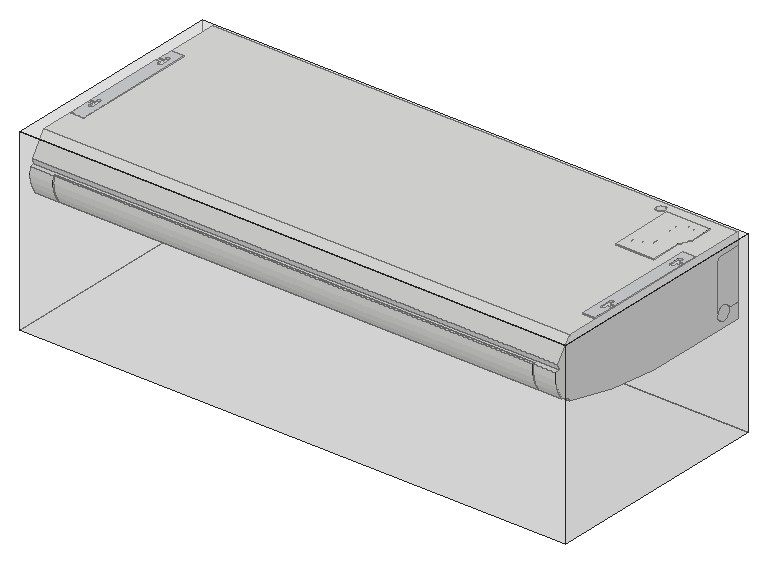
Revit family "outputfile", category 機械設備, Revit 2024
Family settings
  丸型コネクタ寸法 = 半径を使用
  パーツ タイプ = 標準
  OmniClass 番号 = 23.75.10.24.21.27.27
  OmniClass タイトル = Split System Air Conditioning Units
  作業面ベース = いいえ
  常に垂直 = はい
  ロード時にボイドで切り取り = いいえ
  注釈の向きを維持 = いいえ
  共有 = いいえ
  部屋計算ポイント = はい
Parameters (values of type "FHA140DVMG")
  製造元 = "Daikin"
  書き出し IFC クラス(タイプ) = "IfcUnitaryEquipmentType"
  定義済み IFC タイプ(タイプ) = "AIRCONDITIONINGUNIT"
  モデル = "FHA140DVMG"
  switch_frequency = yes
  r_Liquid Pipe Size = Liquid Pipe Size / 2  # 4.75 mm
  r_Gas Pipe Size = Gas Pipe Size / 2  # 7.95 mm
  r_Drain Pipe Size = Drain Pipe Size / 2  # 10.0 mm
  l_powersupply [instance] = if(Rear Right Connection_powersupply, 29.0 mm, 175.0 mm)  # 29.0 mm
  h_mountinghole = 2.0 mm
  connector_voltage = Voltage_50Hz  # 230 V
  connector_powerinput = [Power Input (Cooling)]  # 2.360 kW
  connector_phase = Phase_50Hz  # 1
  angle_vertical_powersupply [instance] = if(Rear Right Connection_powersupply, 90.00°, 180.00°)  # 90.00°
  angle_vertical_drainpipe [instance] = if(or(Left Connection_drainpipe, Right Connection_drainpipe), 90.00°, if(Top Connection_drainpipe, 180.00°, -90.00°))  # -90.00°
  angle_horizontal_powersupply [instance] = if(Rear Right Connection_powersupply, 180.00°, 0.00°)  # 180.00°
  angle_horizontal_drainpipe [instance] = if(Right Connection_drainpipe, 90.00°, if(Left Connection_drainpipe, -90.00°, 0.00°))  # 0.00°
  Voltage_comment_60Hz = "220-230"
  Voltage_comment_50Hz = "220-240"
  Voltage_60Hz = 220 V
  Voltage_50Hz = 230 V
  Top Connection_refrigerant [instance] = no
  Top Connection_powersupply [instance] = not(Rear Right Connection_powersupply)  # no
  Right Connection_refrigerant [instance] = no
  Rear Right Connection_refrigerant [instance] = yes
  Phase_60Hz = 1
  Phase_50Hz = 1
  Material_Casing = DAIKIN_White_Casing_indoorunit
  lw_powersupply [instance] = if(Rear Right Connection_powersupply, 220.0 mm, 210.0 mm)  # 220.0 mm
  lw_mountinghole_pitch = Width - 40.0 mm  # 1550.0 mm
  lw_mountinghole = 20.0 mm
  lw_liquidpipe [instance] = if(Right Connection_refrigerant, 156.0 mm, if(Top Connection_refrigerant, 156.0 mm, 136.0 mm))  # 136.0 mm
  lw_gaspipe = 105.0 mm
  lw_drainpipe [instance] = if(Top Connection_drainpipe, 102.0 mm, if(Width = 960.0 mm, if(or(Left Connection_drainpipe, Rear Left Connection_drainpipe), 884.0 mm, 83.0 mm), if(Width = 1270.0 mm, if(or(Left Connection_drainpipe, Rear Left Connection_drainpipe), 1194.0 mm, 83.0 mm), if(Width = 1590.0 mm, if(or(Left Connection_drainpipe, Rear Left Connection_drainpipe), 1514.0 mm, 83.0 mm), 83.0 mm))))  # 83.0 mm
  lh_powersupply = 175.0 mm
  lh_liquidpipe [instance] = if(Rear Right Connection_refrigerant, 160.0 mm, 131.0 mm)  # 160.0 mm
  lh_gaspipe [instance] = if(Rear Right Connection_refrigerant, 150.0 mm, 91.0 mm)  # 150.0 mm
  lh_drainpipe = 197.0 mm
  l_antena = 1.0 mm
  ld_powersupply = 30.0 mm
  ld_mountinghole_pitch = 260.0 mm
  ld_mountinghole = 210.0 mm
  ld_liquidpipe [instance] = if(Right Connection_refrigerant, 57.0 mm, if(Top Connection_refrigerant, 189.0 mm, 221.0 mm))  # 221.0 mm
  ld_gaspipe [instance] = if(Right Connection_refrigerant, 57.0 mm, if(Top Connection_refrigerant, 163.0 mm, 214.0 mm))  # 214.0 mm
  ld_drainpipe [instance] = if(or(Left Connection_drainpipe, Right Connection_drainpipe), 57.0 mm, if(Top Connection_drainpipe, 87.0 mm, 268.0 mm))  # 268.0 mm
  l_liquidpipe_length [instance] = if(Right Connection_refrigerant, 156.0 mm, if(Top Connection_refrigerant, 131.0 mm, 220.0 mm))  # 220.0 mm
  l_gaspipe_length [instance] = if(Right Connection_refrigerant, 105.0 mm, if(Top Connection_refrigerant, 91.0 mm, 213.0 mm))  # 213.0 mm
  l_drainpipe_length [instance] = if(Right Connection_drainpipe, 83.0 mm, if(Top Connection_drainpipe, 197.0 mm, if(Left Connection_drainpipe, 76.0 mm, 267.0 mm)))  # 267.0 mm
  h*** = 0.0 mm
  angle_vertical [instance] = if(Right Connection_refrigerant, 90.00°, if(Top Connection_refrigerant, 180.00°, -90.00°))  # -90.00°
  angle_horizontal [instance] = if(Right Connection_refrigerant, 90.00°, 0.00°)  # 0.00°
  Width = 1590.0 mm
  Version = "ver.1.0"
  Unit Type = "Ceiling"
  Unit Mass Weight = 38.00 kg
  Unit Designation [instance] = ""
  Uniclass2015Version = "Products v1.30"
  Uniclass2015Title = "Split coil room air conditioning units"
  Uniclass2015Code = "Pr_70_65_03_86"
  Total Cooling Capacity [instance] = 0.000 kW
  Top Connection_drainpipe [instance] = no
  Sound Pressure Level_M speed (dBA) = 42
  Sound Pressure Level_L speed (dBA) = 38
  Sound Pressure Level_H speed (dBA) = 46
  Series = "SkyAir_Fan Coil Unit"
  Sensible Cooling Capacity [instance] = 0.000 kW
  Rear Right Connection_drainpipe [instance] = yes
  Rear Right Connection_powersupply [instance] = yes
  Right Connection_drainpipe [instance] = no
  Refrigerant Type = "R32"
  Power Input (Cooling) = 2.360 kW
  Option Accessory 3 [instance] = ""
  Option Accessory 2 [instance] = ""
  Option Accessory 1 [instance] = ""
  Nominal Cooling Capacity = 9.600 kW
  Minimum Airflow = 1440.00 m³/h
  Median Airflow = 1740.00 m³/h
  Maximum Airflow = 2040.00 m³/h
  Load Classification = HVAC
  Liquid Pipe Size = 9.5 mm
  Link_Nested Family [instance] = ""
  Rear Left Connection_drainpipe [instance] = no
  Left Connection_drainpipe [instance] = no
  IfcVersion = ""
  IfcExportType = "AIRCONDITIONINGUNIT"
  IfcExportAs = "IfcUnitaryEquipmentType"
  Height = 235.0 mm
  Heat Exchanger Type = "Cross Fin Coil"
  Gas Pipe Size = 15.9 mm
  Frequency_60Hz = 60 Hz
  Frequency_50Hz = 50 Hz
  Fan Type = "Sirocco Fan"
  Fan Drive = "Direct Drive"
  FCU Tag No. [instance] = ""
  Drain Pipe Size = 20.0 mm
  Design Supply Airflow [instance] = 0.00 m³/h
  Design Outdoor Airflow [instance] = 0.00 m³/h
  Depth = 690.0 mm
  既定の高さ = 0.0 mm
  Cooling Entering Wet Bulb Temperature [instance] = 0.00 °C
  Cooling Entering Dry Bulb Temperature [instance] = 0.00 °C
  Cooling Ambient Wet Bulb Temperature [instance] = 0.00 °C
  Cooling Ambient Dry Bulb Temperature [instance] = 0.00 °C
  Clearance visibility [instance] = yes
  Clearance Top = 5.0 mm
  Clearance Right = 30.0 mm
  Clearance Rear = 0.0 mm
  Clearance Left = 30.0 mm
  Clearance Front = 0.0 mm
  Clearance Bottom = 300.0 mm
Reference planes
  plane 1 "Back": y = 0
  plane 2: z = 0
  plane 3 "Center (Left/Right)": x = 0
  plane 4 "Center (Front/Back)": y = -1
  plane 5 "Front": y = -690
  plane 6 "Left": x = -795
  plane 7 "Right": x = 795
  plane 8 "Top": z = 0
  plane 9 "Bottom": z = -235
  plane 10: y = -690
  plane 11: x = -825
  plane 12: x = 825
  plane 13: z = 5
  plane 14: z = -535
  plane 15: y = 0
  plane 16 "lw_mountinghole": x = -775
  plane 17 "lw_mountinghole2": x = 775
  plane 18 "ld_mountinghole": y = -210
  plane 19 "ld_mountinghole2": y = -470
  plane 20 "lw_gaspipe": x = 690
  plane 21 "ld_gaspipe": y = -214
  plane 22 "lh_gaspipe": z = -150
  plane 23 "lw_liquidpipe": x = 659
  plane 24 "ld_liquidpipe": y = -221
  plane 25 "lh_liquidpipe": z = -160
  plane 26 "ld_drainpipe": y = -268
  plane 27 "lw_drainpipe": x = 712
  plane 28 "lh_drainpipe": z = -197
  plane 29 "lw_powersupply": x = 575
  plane 30 "lh_powersupply": z = -175
  plane 31 "ld_powersupply": y = -30
  plane 32: x = -725.5
  plane 33: x = 725.5
  plane 34: x = -750
  plane 35: x = 750
  plane 36: x = -2
  plane 37: x = 2
Forms (mm)
  Extrusion 1, solid, material "DAIKIN_White_Casing_indoorunit" <- "Material_Casing"
    sketch origin (0, 0, 0) x (0, 1, 0) y (0, 0, 1)
      loop
        line (-639.277, 0) -> (-680.876, -61.699) -> (-675.026, -77.772)
        arc (-675.026, -77.772) -> (-681.815, -78.743) -> (-688.601, -79.732) r 2634.132
        arc (-688.601, -79.732) -> (-687.018, -121.096) -> (-669.159, -158.439) r 102.2
        line (-669.159, -158.439) -> (-639.858, -169.325) -> (-635.895, -178.261)
        arc (-635.895, -178.261) -> (-479.121, -215.759) -> (-319.077, -235) r 1400.997
        line (-319.077, -235) -> (-1, -235) -> (-1, 0) -> (-639.277, 0)
    from -795 to 795
  Extrusion 2, solid, material "DAIKIN_White_Casing_indoorunit" <- "Material_Casing"
    sketch origin (0, 0, 0) x (0, 1, 0) y (0, 0, 1)
      loop
        arc (-688.601, -79.732) -> (-687.018, -121.096) -> (-669.159, -158.439) r 102.2
        line (-669.159, -158.439) -> (-665.589, -154.869)
        arc (-665.589, -154.869) -> (-682.432, -118.783) -> (-683.39, -78.971) r 97.2
        arc (-683.39, -78.971) -> (-685.996, -79.351) -> (-688.601, -79.732) r 2634.132
    from -725.5 to 725.5
  Extrusion 3, void
    sketch origin (0, 0, 0) x (0, 1, 0) y (0, 0, 1)
      loop
        line (-301.098, -235) -> (-21.098, -235) -> (-21.098, -230) -> (-301.098, -230) -> (-301.098, -235)
    from -750 to 750
  Extrusion 4, solid, material "DAIKIN_White_Grille_indoorunit"
    sketch origin (0, 0, 0) x (0, 1, 0) y (0, 0, 1)
      loop
        line (-20.098, -230) -> (-301.098, -230) -> (-301.098, -235) -> (-20.098, -235) -> (-20.098, -230)
    from -750 to -2
  Extrusion 5, solid, material "DAIKIN_White_Casing_indoorunit" <- "Material_Casing"
    sketch origin (0, 0, 0) x (1, 0, 0) y (0, 0, 1)
      loop
        line (602, -63) -> (602, -178) -> (673, -220) -> (736, -220) -> (736, -63) -> (602, -63)
    from 0 to 1
  Extrusion 6, solid, material "DAIKIN_White_Casing_indoorunit" <- "Material_Casing"
    sketch origin (0, 0, 0) x (-1, 0, 0) y (0, -1, 0)
      loop
        line (-607, 35) -> (-607, 230) -> (-723, 230) -> (-723, 135) -> (-738, 105) -> (-738, 35) -> (-607, 35)
    from 0 to 1.9
  Extrusion 7, void
    sketch origin (795, 0, 0) x (0, 1, 0) y (0, 0, 1)
      loop
        arc (-79.5, -195) -> (-55.446, -217.446) -> (-34.715, -191.9) r 22.5
        line (-34.715, -191.9) -> (-1, -191.9) -> (-1, -190.1) -> (-35.04, -190.1)
        arc (-35.04, -190.1) -> (-54.942, -172.594) -> (-77.7, -186.182) r 22.5
        line (-77.7, -186.182) -> (-77.7, -43)
        arc (-77.7, -43) -> (-76.528, -40.172) -> (-73.7, -39) r 4
        line (-73.7, -39) -> (-1, -39) -> (-1, -37.2) -> (-73.7, -37.2)
        arc (-73.7, -37.2) -> (-77.801, -38.899) -> (-79.5, -43) r 5.8
        line (-79.5, -43) -> (-79.5, -195)
      loop
        circle (-57, -195) r 20.7
    from 0 to -10
  Extrusion 8, void
    sketch origin (-1444.026, -1, 1200) x (1, 0, 0) y (0, 0, 1)
      loop
        arc (715.026, -1375) -> (704.42, -1379.393) -> (700.026, -1390) r 15
        line (700.026, -1390) -> (700.026, -1400)
        arc (700.026, -1400) -> (704.42, -1410.607) -> (715.026, -1415) r 15
        line (715.026, -1415) -> (745.026, -1415)
        arc (745.026, -1415) -> (755.633, -1410.607) -> (760.026, -1400) r 15
        line (760.026, -1400) -> (760.026, -1390)
        arc (760.026, -1390) -> (755.633, -1379.393) -> (745.026, -1375) r 15
        line (745.026, -1375) -> (715.026, -1375)
    from 0 to 10
  Extrusion 9, void
    sketch origin (-795, 0, 0) x (0, 1, 0) y (0, 0, 1)
      loop
        circle (-57, -197) r 22.5
    from 0 to 10
  Extrusion 10, void
    sketch origin (-1444.026, -1, 1200) x (1, 0, 0) y (0, 0, 1)
      loop
        circle (2136.026, -1375) r 44
    from 0 to 10
  Extrusion 11, void
    sketch origin (0, 0, 0) x (-1, 0, 0) y (0, -1, 0)
      loop
        circle (-693, 87) r 30
    from 0 to -10
  Extrusion 12, void
    sketch origin (0, 0, 0) x (-1, 0, 0) y (0, -1, 0)
      loop
        circle (-690, 163) r 18
    from 0 to -10
  Extrusion 13, void
    sketch origin (0, 0, 0) x (-1, 0, 0) y (0, -1, 0)
      loop
        circle (-639, 189) r 13
    from 0 to -10
  Extrusion 14, void
    sketch origin (-1444.026, -1, 1200) x (1, 0, 0) y (0, 0, 1)
      loop
        circle (2019.026, -1375) r 14.5
    from 0 to 10
  Extrusion 15, void
    sketch origin (0, 0, 0) x (-1, 0, 0) y (0, -1, 0)
      loop
        circle (-585, 30) r 14.5
    from 0 to -10
  Extrusion 16, void
    sketch origin (795, 0, 0) x (0, 1, 0) y (0, 0, 1)
      loop
        arc (-665.589, -154.869) -> (-682.432, -118.783) -> (-683.39, -78.971) r 97.2
        arc (-683.39, -78.971) -> (-685.996, -79.351) -> (-688.601, -79.732) r 2634.132
        arc (-688.601, -79.732) -> (-687.018, -121.096) -> (-669.159, -158.439) r 102.2
        line (-669.159, -158.439) -> (-665.589, -154.869)
    from -69.5 to -1520.5
  Extrusion 17, solid, material "DAIKIN_White_Casing_indoorunit" <- "Material_Casing"
    sketch origin (-795, 0, 0) x (0, 1, 0) y (0, 0, 1)
      loop
        circle (-57, -197) r 22.5
    from 0 to 10
  Extrusion 18, solid, material "DAIKIN_White_Grille_indoorunit"
    sketch origin (780, 0, 0) x (0, 1, 0) y (0, 0, 1)
      loop
        line (-20.098, -230) -> (-301.098, -230) -> (-301.098, -235) -> (-20.098, -235) -> (-20.098, -230)
    from -782 to -778
  Extrusion 19, solid, material "DAIKIN_White_Grille_indoorunit"
    sketch origin (0, 0, 0) x (0, 1, 0) y (0, 0, -1)
      loop
        line (-20.098, 230) -> (-20.098, 235) -> (-301.098, 235) -> (-301.098, 230) -> (-20.098, 230)
    from -750 to -2
Cuts and joins
  Extrusion 3, Extrusion 7, Extrusion 8, Extrusion 9, Extrusion 10, Extrusion 11, Extrusion 12, Extrusion 13, Extrusion 14, Extrusion 15, Extrusion 16 cuts Extrusion 1
Lines and regions (mm)
  reference lines
    curve 1: line (795, -580.282, -192.75) -> (795, -551.225, -200.21)
Dimensions and locks
  equal spacing: plane 6 "Left", plane 3 "Center (Left/Right)", plane 7 "Right"
  "Width": plane 6 "Left" to plane 7 "Right"
  "Depth": plane 5 "Front" to plane 1 "Back"
  "Height": plane 8 "Top" to plane 9 "Bottom"
  "Clearance Front": plane 10 to plane 5 "Front"
  "Clearance Left": plane 11 to plane 6 "Left"
  "Clearance Right": plane 7 "Right" to plane 12
  "Clearance Top": plane 13 to plane 8 "Top"
  "Clearance Bottom": plane 9 "Bottom" to plane 14
  "Clearance Rear": plane 1 "Back" to plane 15
  locked: plane 4 "Center (Front/Back)" to plane 1 "Back" at 1
  locked: Extrusion 1 sketch curve to Extrusion 1 sketch curve at 235
  locked: Extrusion 1 sketch curve to Extrusion 1 sketch curve at 318.077
  locked: Extrusion 1 sketch curve to Extrusion 1 sketch curve at 1163.297
  locked: Extrusion 1 sketch curve to Extrusion 1 sketch curve at 231.144
  Extrusion 3 sketch curve to Extrusion 3 sketch curve to plane 1 "Back" = 280.0 mm locked, 21.098 mm locked
  "ld_mountinghole": plane 18 "ld_mountinghole" to plane 1 "Back"
  "ld_mountinghole_pitch": plane 18 "ld_mountinghole" to plane 19 "ld_mountinghole2"
  "lw_mountinghole_pitch": plane 16 "lw_mountinghole" to plane 17 "lw_mountinghole2"
  "lw_mountinghole": plane 6 "Left" to plane 16 "lw_mountinghole"
  "lw_gaspipe": plane 20 "lw_gaspipe" to plane 7 "Right"
  "ld_gaspipe": plane 1 "Back" to plane 21 "ld_gaspipe"
  "lw_liquidpipe": plane 23 "lw_liquidpipe" to plane 7 "Right"
  "ld_liquidpipe": plane 1 "Back" to plane 24 "ld_liquidpipe"
  "lw_drainpipe": plane 27 "lw_drainpipe" to plane 7 "Right"
  "ld_drainpipe": plane 26 "ld_drainpipe" to plane 1 "Back"
  plane 8 "Top" to Extrusion 5 sketch curve to Extrusion 5 sketch curve = 63.0 mm locked, 157.0 mm locked
  plane 7 "Right" to Extrusion 5 sketch curve to Extrusion 5 sketch curve = 59.0 mm locked, 134.0 mm locked
  locked: Extrusion 5 sketch curve to Extrusion 5 sketch curve at 115
  locked: Extrusion 5 sketch curve to Extrusion 5 sketch curve at 63
  locked: Extrusion 6 sketch curve to Extrusion 6 sketch curve at 195
  locked: Extrusion 6 sketch curve to Extrusion 6 sketch curve at 116
  locked: Extrusion 6 sketch curve to Extrusion 6 sketch curve at 131
  locked: Extrusion 6 sketch curve to Extrusion 6 sketch curve at 100
  locked: Extrusion 6 sketch curve to plane 1 "Back" at 35
  locked: Extrusion 6 sketch curve to plane 7 "Right" at 57
  locked: Extrusion 8 sketch curve to Extrusion 8 sketch curve at 40
  locked: Extrusion 8 sketch curve to Extrusion 8 sketch curve at 60
  locked: plane 8 "Top" to Extrusion 8 sketch curve at 175
  locked: Extrusion 8 sketch curve to plane 6 "Left" at 51
  locked: plane 7 "Right" to Extrusion 10 sketch curve at 103
  locked: plane 8 "Top" to Extrusion 10 sketch curve at 175
  locked: Extrusion 11 sketch curve to plane 1 "Back" at 87
  locked: Extrusion 11 sketch curve to plane 7 "Right" at 102
  locked: Extrusion 12 sketch curve to plane 1 "Back" at 163
  locked: Extrusion 12 sketch curve to plane 7 "Right" at 105
  locked: Extrusion 13 sketch curve to plane 1 "Back" at 189
  locked: Extrusion 13 sketch curve to plane 7 "Right" at 156
  "lw_powersupply": plane 29 "lw_powersupply" to plane 7 "Right"
  "lh_gaspipe": plane 8 "Top" to plane 22 "lh_gaspipe"
  "lh_liquidpipe": plane 8 "Top" to plane 25 "lh_liquidpipe"
  "lh_powersupply": plane 8 "Top" to plane 30 "lh_powersupply"
  "lh_drainpipe": plane 8 "Top" to plane 28 "lh_drainpipe"
  "ld_powersupply": plane 1 "Back" to plane 31 "ld_powersupply"
  locked: plane 8 "Top" to Extrusion 7 sketch curve at 195
  locked: Extrusion 7 sketch curve to plane 1 "Back" at 57
  locked: plane 9 "Bottom" to Extrusion 7 sketch curve at 43.1
  locked: Extrusion 7 sketch curve to plane 8 "Top" at 39
  locked: Extrusion 7 sketch curve to plane 1 "Back" at 79.5
  locked: Extrusion 9 sketch curve to plane 1 "Back" at 57
  locked: plane 8 "Top" to Extrusion 9 sketch curve at 197
  locked: Extrusion 17 sketch curve to plane 1 "Back" at 57
  locked: plane 8 "Top" to Extrusion 17 sketch curve at 197
  locked: plane 7 "Right" to Extrusion 14 sketch curve at 220
  locked: plane 8 "Top" to Extrusion 14 sketch curve at 175
  locked: Extrusion 15 sketch curve to plane 7 "Right" at 210
  locked: Extrusion 15 sketch curve to plane 1 "Back" at 30
  locked: curve 1 to plane 9 "Bottom" at 34.79
  locked: curve 1 to plane 9 "Bottom" at 42.25
  locked: plane 6 "Left" to plane 32 at 69.5
  locked: plane 33 to plane 7 "Right" at 69.5
  locked: plane 35 to plane 7 "Right" at 45
  locked: plane 6 "Left" to plane 34 at 45
  plane 36 to plane 3 "Center (Left/Right)" to plane 37 = 2.0 mm locked, 2.0 mm locked
  locked: curve 1 to plane 9 "Bottom" (angle 14.40°)
  aligned and locked: level to plane 2
  aligned and locked: nested 1 to plane 11
  aligned and locked: nested 1 to plane 12
  aligned and locked: nested 1 to plane 10
  aligned and locked: plane 13 to nested 1
  aligned and locked: plane 14 to nested 1
  aligned and locked: plane 15 to nested 1
  aligned and locked: Extrusion 1 sketch curve to plane 8 "Top"
  aligned and locked: Extrusion 2 sketch curve to Extrusion 1  (x2)
  aligned and locked: plane 7 "Right" to Extrusion 1
  aligned and locked: Extrusion 1 to plane 6 "Left"
  aligned and locked: cut or joined group 1 (Extrusion 1, Extrusion 3, Extrusion 7, Extrusion 8, Extrusion 9, Extrusion 10, Extrusion 11, Extrusion 12, Extrusion 13, Extrusion 14, Extrusion 15, Extrusion 16) to Extrusion 3 sketch curve
  aligned and locked: cut or joined group 1 to Extrusion 4 sketch curve
  aligned and locked: Extrusion 5 to plane 4 "Center (Front/Back)"
  aligned and locked: Extrusion 7 sketch curve to plane 4 "Center (Front/Back)"
  aligned and locked: Extrusion 16 sketch curve to Extrusion 2  (x4)
  aligned and locked: Extrusion 16 to Extrusion 2  (x2)
  aligned and locked: nested 2 to plane 26 "ld_drainpipe"
  aligned and locked: plane 27 "lw_drainpipe" to nested 2
  aligned and locked: plane 20 "lw_gaspipe" to nested 3
  aligned and locked: nested 3 to plane 21 "ld_gaspipe"
  aligned and locked: plane 23 "lw_liquidpipe" to nested 4
  aligned and locked: nested 4 to plane 24 "ld_liquidpipe"
  aligned and locked: plane 25 "lh_liquidpipe" to nested 4
  aligned and locked: nested 5 to plane 31 "ld_powersupply"
  aligned and locked: plane 29 "lw_powersupply" to nested 5
  aligned and locked: nested 7 to plane 18 "ld_mountinghole"
  aligned and locked: plane 16 "lw_mountinghole" to nested 7
  aligned and locked: nested 6 to plane 19 "ld_mountinghole2"
  aligned and locked: plane 16 "lw_mountinghole" to nested 6
  aligned and locked: nested 9 to plane 18 "ld_mountinghole"
  aligned and locked: plane 17 "lw_mountinghole2" to nested 9
  aligned and locked: plane 17 "lw_mountinghole2" to nested 8
  aligned and locked: nested 8 to plane 19 "ld_mountinghole2"
  aligned and locked: nested 10 to curve 1
  aligned and locked: level to plane 8 "Top"
  aligned and locked: cut or joined group 1 to plane 32
  aligned and locked: plane 33 to cut or joined group 1
  aligned and locked: Extrusion 16 to plane 32
  aligned and locked: plane 33 to Extrusion 16
  aligned and locked: Extrusion 4 to plane 34
  aligned and locked: cut or joined group 1 to plane 34
  aligned and locked: plane 34 to Extrusion 4  (x3)
  aligned and locked: plane 16 "lw_mountinghole" to nested 11
  aligned and locked: plane 17 "lw_mountinghole2" to nested 12
  aligned and locked: plane 36 to Extrusion 4
  aligned and locked: Extrusion 18 to plane 36
  aligned and locked: plane 37 to Extrusion 18
  aligned and locked: Extrusion 19 to plane 37
  aligned and locked: plane 37 to Extrusion 19
  aligned and locked: plane 35 to Extrusion 19
  aligned and locked: plane 35 to Extrusion 3
  aligned and locked: Extrusion 4 to cut or joined group 1
  aligned and locked: cut or joined group 1 to Extrusion 18
  aligned and locked: cut or joined group 1 to Extrusion 19
Automatic sketch dimensions
  Extrusion 1 sketch curve to plane 4 "Center (Front/Back)" = 0.0 mm
  Extrusion 1 sketch curve to plane 5 "Front" = 102.2 mm
  Extrusion 1 sketch curve to plane 30 "lh_powersupply" = 3.261 mm
  Extrusion 1 sketch curve to plane 5 "Front" = 50.723 mm
  plane 30 "lh_powersupply" to Extrusion 1 sketch curve = 5.675 mm
  Extrusion 1 sketch curve to Extrusion 1 sketch curve = 3.963 mm
  plane 25 "lh_liquidpipe" to Extrusion 1 sketch curve = 1.561 mm
  Extrusion 1 sketch curve to plane 5 "Front" = 20.841 mm
  Extrusion 1 sketch curve to plane 5 "Front" = 14.974 mm
  Extrusion 1 sketch curve to plane 5 "Front" = 9.124 mm
  Extrusion 1 sketch curve to plane 26 "ld_drainpipe" = 37.278 mm
  Extrusion 1 sketch curve to plane 14 = 2150.825 mm
  plane 22 "lh_gaspipe" to Extrusion 1 sketch curve = 53.413 mm
  Extrusion 1 sketch curve to level = 77.772 mm
  Extrusion 1 sketch curve to Extrusion 1 sketch curve = 16.072 mm
  Extrusion 2 sketch curve to Extrusion 2 sketch curve = 0.0 mm  (x2)
  plane 25 "lh_liquidpipe" to Extrusion 2 sketch curve = 1.561 mm
  Extrusion 2 sketch curve to plane 22 "lh_gaspipe" = 4.869 mm
  Extrusion 2 sketch curve to Extrusion 2 sketch curve = 3.57 mm
  Extrusion 3 sketch curve to Extrusion 3 sketch curve = 5.0 mm
  plane 31 "ld_powersupply" to Extrusion 4 sketch curve = 9.902 mm
  Extrusion 4 sketch curve to Extrusion 4 sketch curve = 5.0 mm
  Extrusion 6 sketch curve to Extrusion 6 sketch curve = 30.0 mm
  Extrusion 7 sketch curve to Extrusion 7 sketch curve = 0.0 mm  (x6)
  Extrusion 7 sketch curve to plane 4 "Center (Front/Back)" = 0.0 mm  (x2)
  Extrusion 7 sketch curve to Extrusion 7 sketch curve = 1.8 mm  (x2)
  Extrusion 7 sketch curve to Extrusion 7 sketch curve = 4.0 mm
  Extrusion 7 sketch curve to Extrusion 7 sketch curve = 0.325 mm
  Extrusion 8 sketch curve to plane 32 = 3.5 mm  (x2)
  Extrusion 8 sketch curve to plane 28 "lh_drainpipe" = 3.0 mm
  Extrusion 8 sketch curve to Extrusion 8 sketch curve = 15.0 mm
  curve 1 to plane 5 "Front" = 109.718 mm
  Extrusion 18 sketch curve to plane 9 "Bottom" = 0.0 mm
  plane 9 "Bottom" to Extrusion 18 sketch curve = 5.0 mm
  Extrusion 18 sketch curve to plane 26 "ld_drainpipe" = 33.098 mm
  plane 31 "ld_powersupply" to Extrusion 18 sketch curve = 9.902 mm
  Extrusion 19 sketch curve to plane 9 "Bottom" = 0.0 mm
  plane 9 "Bottom" to Extrusion 19 sketch curve = 5.0 mm
  Extrusion 19 sketch curve to plane 26 "ld_drainpipe" = 33.098 mm
  plane 31 "ld_powersupply" to Extrusion 19 sketch curve = 9.902 mm
  Extrusion 4 sketch curve to plane 26 "ld_drainpipe" = 33.098 mm
  radius of Extrusion 7 sketch curve = 20.7 mm
  radius of Extrusion 9 sketch curve = 22.5 mm
  radius of Extrusion 10 sketch curve = 44.0 mm
  radius of Extrusion 11 sketch curve = 30.0 mm
  radius of Extrusion 12 sketch curve = 18.0 mm
  radius of Extrusion 13 sketch curve = 13.0 mm
  radius of Extrusion 14 sketch curve = 14.5 mm
  radius of Extrusion 15 sketch curve = 14.5 mm
  radius of Extrusion 17 sketch curve = 22.5 mm
Nested families
  nested 1: "daikin_clearancespace" at (0, -345, -264.881), visible <- "Clearance visibility", show <- "Clearance visibility", Link_Nested Family <- "Link_Nested Family", type "daikin_clearancespace"
    with width 1650.0 mm, show yes, height 540.0 mm, depth 690.0 mm, Link_Nested Family ""
  nested 2: "daikin_connector_rotate3" at (712, -268, -197), radius <- "r_Drain Pipe Size", angle_vertical <- "angle_vertical_drainpipe", angle_horizontal <- "angle_horizontal_drainpipe", length <- "l_drainpipe_length", type "daikin_connector_rotate3"
    with show no, radius 10.0 mm, length 267.0 mm, angle_vertical -90.00°, angle_horizontal 0.00°
  nested 3: "daikin_connector_rotate3" at (690, -214, -150), radius <- "r_Gas Pipe Size", angle_vertical <- "angle_vertical", angle_horizontal <- "angle_horizontal", length <- "l_gaspipe_length", type "daikin_connector_rotate3"
    with show no, radius 7.95 mm, length 213.0 mm, angle_vertical -90.00°, angle_horizontal 0.00°
  nested 4: "daikin_connector_rotate3" at (659, -221, -160), radius <- "r_Liquid Pipe Size", angle_vertical <- "angle_vertical", angle_horizontal <- "angle_horizontal", length <- "l_liquidpipe_length", type "daikin_connector_rotate3"
    with show no, radius 4.75 mm, length 220.0 mm, angle_vertical -90.00°, angle_horizontal 0.00°
  nested 5: "daikin_connector_rotate3" at (575, -30, -175), length <- "l_powersupply", angle_vertical <- "angle_vertical_powersupply", angle_horizontal <- "angle_horizontal_powersupply", type "daikin_connector_rotate3"
    with show no, radius 10.0 mm, length 29.0 mm, angle_vertical 90.00°, angle_horizontal 180.00°
  nested 6: "daikin_mountinghole" at (-775, -470, 0), l_antenna <- "l_antena", Link_Nested Family <- "Link_Nested Family", h_mountinghole <- "h_mountinghole", type "daikin_mountinghole"
    with show yes, l_antenna 1.0 mm, h_mountinghole 2.0 mm, Link_Nested Family ""
  nested 7: "daikin_mountinghole" at (-775, -210, 0), l_antenna <- "l_antena", Link_Nested Family <- "Link_Nested Family", h_mountinghole <- "h_mountinghole", type "daikin_mountinghole"
    with show yes, l_antenna 1.0 mm, h_mountinghole 2.0 mm, Link_Nested Family ""
  nested 8: "daikin_mountinghole" at (775, -470, 0), l_antenna <- "l_antena", Link_Nested Family <- "Link_Nested Family", h_mountinghole <- "h_mountinghole", type "daikin_mountinghole"
    with show yes, l_antenna 1.0 mm, h_mountinghole 2.0 mm, Link_Nested Family ""
  nested 9: "daikin_mountinghole" at (775, -210, 0), Link_Nested Family <- "Link_Nested Family", l_antenna <- "l_antena", h_mountinghole <- "h_mountinghole", type "daikin_mountinghole"
    with show yes, l_antenna 1.0 mm, h_mountinghole 2.0 mm, Link_Nested Family ""
  nested 10: "daikin_logo_plane_w40" at (647.963, -559.801, -198.008) x (1, 0, 0) z (0, -0.2487, -0.9686), type "daikin_logo_plane_w40"
    with show_logo yes
  nested 11: "daikin_hangerfixture_FHA-DVMG" at (-775, 0, 0), type "daikin_hangerfixture_FHA-DVMG"
    with width 38.0 mm, height 2.0 mm, depth 380.0 mm
  nested 12: "daikin_hangerfixture_FHA-DVMG" at (775, 0, 0) x (-1, 0, 0) z (0, 0, 1), type "daikin_hangerfixture_FHA-DVMG"
    with width 38.0 mm, height 2.0 mm, depth 380.0 mm
Connectors
  piping at (712, -1, -197), diameter 20, driven by "r_Drain Pipe Size"
    settings: on nested 2, index 1, connector inside diameter 609.6 mm, connector length 0.0 mm, flow factor 0, pipe flow 0.00 m³/h, pressure drop 0.0 Pa, fitting loss kfactor 0, connector angle 0.00°, fixture units 0, engagement length 0.0 mm, angle of deflection 0.00°, flow configuration 1, flow direction 2, fitting loss method 4, system type 16, joint type 0, gender type 0, connector reference index -1, connector utility 0, adjustable connector no, is connector primary yes, connector description "Condensate Drain Piping"
  piping at (690, -1, -150), diameter 15.9, driven by "r_Gas Pipe Size"
    settings: on nested 3, index 3, connector inside diameter 609.6 mm, connector length 0.0 mm, flow factor 0, pipe flow 0.00 m³/h, pressure drop 0.0 Pa, fitting loss kfactor 0, connector angle 0.00°, fixture units 0, engagement length 0.0 mm, angle of deflection 0.00°, flow configuration 1, flow direction 2, fitting loss method 0, system type 29, joint type 0, gender type 0, connector reference index -1, connector utility 0, adjustable connector no, is connector primary no, connector description "Refrigerant Gas Piping"
  piping at (659, -1, -160), diameter 9.5, driven by "r_Liquid Pipe Size"
    settings: on nested 4, index 4, connector inside diameter 609.6 mm, connector length 0.0 mm, flow factor 0, pipe flow 0.00 m³/h, pressure drop 0.0 Pa, fitting loss kfactor 0, connector angle 0.00°, fixture units 0, engagement length 0.0 mm, angle of deflection 0.00°, flow configuration 1, flow direction 1, fitting loss method 0, system type 29, joint type 0, gender type 0, connector reference index -1, connector utility 0, adjustable connector no, is connector primary no, connector description "Refrigerant Liquid Piping"
  electrical at (575, -1, -175), driven by "Load Classification", driven by "connector_powerinput", driven by "connector_phase", driven by "connector_voltage"
    settings: on nested 5, index 6, voltage 230 V, apparent load 2360 VA, apparent load phase1 0 VA, apparent load phase2 0 VA, apparent load phase3 0 VA, power factor 1, load classification "HVAC", number of poles 1, system type 30, power factor state 1, is connector primary yes, connector utility no, sub classification motor no, connector description "Power Supply"
Definition of nested family "daikin_clearancespace"
  Parameters (values of type "daikin_clearancespace")
    Description = "daikin_clearancespace"
    width [instance] = 1823.963 mm
    show [instance] = yes
    material = none
    height [instance] = 1359.762 mm
    depth [instance] = 880.0 mm
    Default Elevation = 0.0 mm
    Link_Nested Family [instance] = ""
  Reference planes
    plane 1 "Center (Front/Back)": y = 0
    plane 2 "Center (Elevation)": z = -0.119
    plane 3 "Center (Left/Right)": x = 0
    plane 4: y = 440
    plane 5: y = -440
    plane 6 "Right": x = 911.982
    plane 7 "Left": x = -911.982
    plane 8 "Top": z = 679.762
    plane 9 "Bottom": z = -680
  Forms (mm)
    Extrusion 1, solid, material <- "material", visible <- "show"
      sketch origin (0, 0, 0) x (1, 0, 0) y (0, 1, 0)
        loop
          line (-911.982, 440) -> (-911.982, -440) -> (911.982, -440) -> (911.982, 440) -> (-911.982, 440)
      from -680 to 679.762
  Lines and regions (mm)
    symbolic lines, visible <- "show"
      curve 1: line (911.982, 440, 0) -> (-911.982, 440, 0)
      curve 2: line (-911.982, 440, 0) -> (-911.982, -440, 0)
      curve 3: line (-911.982, -440, 0) -> (911.982, -440, 0)
      curve 4: line (911.982, -440, 0) -> (911.982, 440, 0)
      curve 5: line (911.982, 0, 679.762) -> (-911.982, 0, 679.762)
      curve 6: line (911.982, 0, -680) -> (911.982, 0, 679.762)
      curve 7: line (-911.982, 0, -680) -> (911.982, 0, -680)
      curve 8: line (-911.982, 0, 679.762) -> (-911.982, 0, -680)
      curve 9: line (0, 440, 679.762) -> (0, -440, 679.762)
      curve 10: line (0, -440, 679.762) -> (0, -440, -680)
      curve 11: line (0, 440, -680) -> (0, 440, 679.762)
      curve 12: line (0, -440, -680) -> (0, 440, -680)
  Dimensions and locks
    "width": plane 7 "Left" to plane 6 "Right"
    "depth": plane 4 to plane 5
    "height": plane 8 "Top" to plane 9 "Bottom"
    equal spacing: plane 7 "Left", plane 3 "Center (Left/Right)", plane 6 "Right"
    equal spacing: plane 4, plane 1 "Center (Front/Back)", plane 5
    equal spacing: plane 8 "Top", plane 2 "Center (Elevation)", plane 9 "Bottom"
    aligned and locked: level to plane 2 "Center (Elevation)"
    aligned and locked: Extrusion 1 sketch curve to plane 4
    aligned and locked: plane 7 "Left" to Extrusion 1 sketch curve
    aligned and locked: Extrusion 1 sketch curve to plane 5
    aligned and locked: Extrusion 1 sketch curve to plane 6 "Right"
    aligned and locked: plane 8 "Top" to Extrusion 1
    aligned and locked: curve 1 to Extrusion 1
    aligned and locked: curve 2 to Extrusion 1
    aligned and locked: curve 3 to Extrusion 1
    aligned and locked: curve 4 to Extrusion 1
    aligned and locked: curve 5 to Extrusion 1
    aligned and locked: curve 6 to Extrusion 1
    aligned and locked: curve 7 to Extrusion 1
    aligned and locked: curve 8 to Extrusion 1
    aligned and locked: curve 9 to Extrusion 1
    aligned and locked: curve 10 to Extrusion 1
    aligned and locked: curve 11 to Extrusion 1
    aligned and locked: curve 12 to Extrusion 1
    aligned and locked: Extrusion 1 to plane 9 "Bottom"
Definition of nested family "daikin_logo_plane_w40"
  Parameters (values of type "daikin_logo_plane_w40")
    width = 40.0 mm
    show_logo [instance] = yes
    material = none
    height = 0.0 mm
    depth = 0.0 mm
    Default Elevation = 1219.2 mm
  Reference planes
    plane 1 "Center (Front/Back)": y = 0
    plane 2: z = 0
    plane 3 "Center (Left/Right)": x = 0
    plane 4: z = 2
    plane 5 "left": x = -19
    plane 6: x = 19
  Forms (mm)
    Extrusion 1, solid, visible <- "show_logo"
      sketch origin (-19, 0, 0) x (1, 0, 0) y (0, 1, 0)
        loop
          line (8.902, -1.878) -> (7.789, -6.332) -> (11.13, -6.332)
          arc (11.13, -6.332) -> (12.454, -6.064) -> (13.472, -5.176) r 2.642
          arc (13.472, -5.176) -> (13.92, -4.02) -> (13.767, -2.79) r 2.537
          arc (13.767, -2.79) -> (13.452, -2.342) -> (12.982, -2.06) r 1.321
          arc (12.982, -2.06) -> (12.063, -1.902) -> (11.13, -1.878) r 6.479
          line (11.13, -1.878) -> (8.902, -1.878)
        loop
          line (10.016, -5.441) -> (10.907, -5.441)
          arc (10.907, -5.441) -> (11.591, -4.983) -> (11.988, -4.261) r 1.742
          spline (11.988, -4.261) -> (12.01, -4.155) -> (12.027, -4.03) -> (12.037, -3.893) -> (12.037, -3.747) -> (12.026, -3.598) -> (12.002, -3.451) -> (11.962, -3.31) -> (11.905, -3.181) -> (11.829, -3.069) -> (11.731, -2.978) -> (11.61, -2.913) -> (11.464, -2.88)
          line (11.464, -2.88) -> (10.573, -2.88) -> (10.016, -5.441)
        loop
          line (13.58, -6.332) -> (14.805, -6.332) -> (15.223, -5.553) -> (16.977, -5.553) -> (17.144, -6.332) -> (19.149, -6.332) -> (18.258, -1.878) -> (16.03, -1.878) -> (13.58, -6.332)
        loop
          line (16.476, -3.214) -> (15.76, -4.551) -> (16.762, -4.551) -> (16.476, -3.214)
        loop
          line (19.705, -6.332) -> (21.599, -6.332) -> (22.712, -1.878) -> (20.819, -1.878) -> (19.705, -6.332)
        loop
          line (22.712, -6.332) -> (24.606, -6.332) -> (24.908, -5.122) -> (25.831, -6.332) -> (28.17, -6.332) -> (26.388, -3.994) -> (28.949, -1.878) -> (26.945, -1.878) -> (25.401, -3.153) -> (25.719, -1.878) -> (23.826, -1.878) -> (22.712, -6.332)
        loop
          line (29.84, -1.878) -> (28.615, -6.332) -> (30.62, -6.332) -> (31.734, -1.878) -> (29.84, -1.878)
        loop
          line (31.734, -6.332) -> (33.07, -6.332) -> (33.7, -3.814) -> (34.518, -6.332) -> (36.745, -6.332) -> (37.859, -1.878) -> (36.523, -1.878) -> (35.845, -4.589) -> (34.963, -1.878) -> (32.847, -1.878) -> (31.734, -6.332)
      from 0 to 2
    Extrusion 2, solid, visible <- "show_logo"
      sketch origin (-19, 0, 0) x (1, 0, 0) y (0, 1, 0)
        loop
          line (8.7, 0) -> (4.235, 0) -> (0, -3.879) -> (0, -8) -> (8.7, 0)
      from 0 to 2
    Extrusion 3, solid, visible <- "show_logo"
      sketch origin (-19, 0, 0) x (1, 0, 0) y (0, 1, 0)
        loop
          line (0, 0) -> (0, -3.879) -> (4.235, 0) -> (0, 0)
      from 0 to 2
  Dimensions and locks
    plane 4 to plane 2 = 2.0 mm
    equal spacing: plane 5 "left", plane 3 "Center (Left/Right)", plane 6
    locked: plane 5 "left" to plane 6 at 38
    aligned and locked: level to plane 2
    aligned and locked: Extrusion 3 to plane 1 "Center (Front/Back)"  (x2)
    aligned and locked: Extrusion 2 to plane 1 "Center (Front/Back)"  (x2)
    aligned and locked: plane 4 to Extrusion 1
    aligned and locked: plane 4 to Extrusion 3
    aligned and locked: plane 4 to Extrusion 2
    aligned and locked: Extrusion 3 to plane 5 "left"
    aligned and locked: Extrusion 2 to plane 5 "left"
  Automatic sketch dimensions
    Extrusion 1 sketch curve to Extrusion 1 sketch curve = 0.901 mm
    Extrusion 1 sketch curve to Extrusion 1 sketch curve = 1.559 mm
    Extrusion 1 sketch curve to Extrusion 1 sketch curve = 1.327 mm
    Extrusion 1 sketch curve to Extrusion 1 sketch curve = 2.145 mm
    Extrusion 1 sketch curve to Extrusion 1 sketch curve = 1.448 mm
    Extrusion 1 sketch curve to Extrusion 1 sketch curve = 2.116 mm
    Extrusion 1 sketch curve to Extrusion 1 sketch curve = 1.114 mm  (x4)
    Extrusion 1 sketch curve to Extrusion 1 sketch curve = 1.336 mm  (x2)
    plane 1 "Center (Front/Back)" to Extrusion 1 sketch curve = 1.878 mm  (x5)
    Extrusion 1 sketch curve to Extrusion 1 sketch curve = 1.893 mm  (x5)
    Extrusion 1 sketch curve to Extrusion 1 sketch curve = 0.891 mm  (x4)
    Extrusion 1 sketch curve to Extrusion 1 sketch curve = 2.005 mm  (x3)
    Extrusion 1 sketch curve to Extrusion 1 sketch curve = 0.445 mm  (x2)
    plane 1 "Center (Front/Back)" to Extrusion 1 sketch curve = 3.994 mm
    Extrusion 1 sketch curve to Extrusion 1 sketch curve = 0.557 mm  (x2)
    Extrusion 1 sketch curve to Extrusion 1 sketch curve = 2.339 mm  (x2)
    Extrusion 1 sketch curve to Extrusion 1 sketch curve = 1.225 mm  (x3)
    plane 1 "Center (Front/Back)" to Extrusion 1 sketch curve = 3.153 mm
    Extrusion 1 sketch curve to Extrusion 1 sketch curve = 0.987 mm
    plane 1 "Center (Front/Back)" to Extrusion 1 sketch curve = 5.122 mm
    Extrusion 1 sketch curve to Extrusion 1 sketch curve = 0.922 mm
    plane 1 "Center (Front/Back)" to Extrusion 1 sketch curve = 6.332 mm
    Extrusion 1 sketch curve to Extrusion 1 sketch curve = 2.562 mm
    plane 1 "Center (Front/Back)" to Extrusion 1 sketch curve = 5.553 mm
    Extrusion 1 sketch curve to Extrusion 1 sketch curve = 0.167 mm
    Extrusion 1 sketch curve to Extrusion 1 sketch curve = 0.215 mm
    plane 1 "Center (Front/Back)" to Extrusion 1 sketch curve = 3.214 mm
    Extrusion 1 sketch curve to Extrusion 1 sketch curve = 0.286 mm
    plane 1 "Center (Front/Back)" to Extrusion 1 sketch curve = 4.551 mm
    Extrusion 1 sketch curve to Extrusion 1 sketch curve = 1.002 mm
    Extrusion 1 sketch curve to Extrusion 1 sketch curve = 0.537 mm
    Extrusion 1 sketch curve to Extrusion 1 sketch curve = 0.418 mm
    Extrusion 1 sketch curve to Extrusion 1 sketch curve = 1.028 mm
    plane 1 "Center (Front/Back)" to Extrusion 1 sketch curve = 4.261 mm
    Extrusion 1 sketch curve to Extrusion 1 sketch curve = 0.563 mm
    plane 1 "Center (Front/Back)" to Extrusion 1 sketch curve = 2.88 mm
    Extrusion 1 sketch curve to Extrusion 1 sketch curve = 1.088 mm
    Extrusion 1 sketch curve to Extrusion 1 sketch curve = 2.152 mm
    Extrusion 1 sketch curve to Extrusion 1 sketch curve = 0.586 mm
    Extrusion 1 sketch curve to Extrusion 1 sketch curve = 0.118 mm
    Extrusion 1 sketch curve to Extrusion 1 sketch curve = 0.298 mm
    Extrusion 1 sketch curve to Extrusion 1 sketch curve = 0.334 mm
    Extrusion 1 sketch curve to Extrusion 1 sketch curve = 0.223 mm
    Extrusion 1 sketch curve to Extrusion 1 sketch curve = 0.266 mm
    Extrusion 1 sketch curve to Extrusion 1 sketch curve = 1.671 mm
    Extrusion 1 sketch curve to Extrusion 1 sketch curve = 2.227 mm
    Extrusion 1 sketch curve to Extrusion 1 sketch curve = 0.0 mm  (x7)
    Extrusion 1 sketch curve to Extrusion 1 sketch curve = 3.453 mm
    Extrusion 1 sketch curve to Extrusion 1 sketch curve = 2.017 mm
    Extrusion 1 sketch curve to Extrusion 1 sketch curve = 0.78 mm  (x2)
    Extrusion 1 sketch curve to Extrusion 1 sketch curve = 1.743 mm
    Extrusion 1 sketch curve to Extrusion 1 sketch curve = 0.775 mm
    Extrusion 1 sketch curve to Extrusion 1 sketch curve = 0.552 mm
    Extrusion 1 sketch curve to Extrusion 1 sketch curve = 0.014 mm
    Extrusion 1 sketch curve to Extrusion 1 sketch curve = 0.952 mm
    Extrusion 1 sketch curve to Extrusion 1 sketch curve = 1.215 mm
    Extrusion 1 sketch curve to Extrusion 1 sketch curve = 0.108 mm
    plane 1 "Center (Front/Back)" to Extrusion 2 sketch curve = 0.0 mm
    Extrusion 2 sketch curve to plane 3 "Center (Left/Right)" = 19.0 mm
    Extrusion 2 sketch curve to plane 3 "Center (Left/Right)" = 14.765 mm
    Extrusion 2 sketch curve to Extrusion 2 sketch curve = 4.465 mm
    plane 1 "Center (Front/Back)" to Extrusion 2 sketch curve = 3.879 mm
    Extrusion 2 sketch curve to Extrusion 2 sketch curve = 4.12 mm
    plane 1 "Center (Front/Back)" to Extrusion 3 sketch curve = 0.0 mm
    Extrusion 3 sketch curve to plane 3 "Center (Left/Right)" = 19.0 mm
    Extrusion 3 sketch curve to plane 3 "Center (Left/Right)" = 14.765 mm
    plane 1 "Center (Front/Back)" to Extrusion 3 sketch curve = 3.879 mm
    Extrusion 1 sketch curve to plane 3 "Center (Left/Right)" = 11.211 mm
    Extrusion 1 sketch curve to Extrusion 1 sketch curve = 1.782 mm
Definition of nested family "daikin_hangerfixture_FHA-DVMG"
  Parameters (values of type "daikin_hangerfixture_FHA-CV2S")
    width = 44.0 mm
    material = none
    height = 155.0 mm
    depth = 33.0 mm
    Default Elevation = 0.0 mm
  Reference planes
    plane 1 "Center (Front/Back)": y = 0
    plane 2: z = 0
    plane 3 "Center (Left/Right)": x = 0
    plane 4: z = -2.3
    plane 5: z = -155
    plane 6: z = -12
  Forms (mm)
    Extrusion 1, solid
      sketch origin (0, 0, 0) x (1, 0, 0) y (0, 1, 0)
        loop
          line (20, -159) -> (-18, -159) -> (-18, -204) -> (-6, -204) -> (-6, -196)
          arc (-6, -196) -> (0, -190) -> (6, -196) r 6
          line (6, -196) -> (6, -224)
          arc (6, -224) -> (0, -230) -> (-6, -224) r 6
          line (-6, -224) -> (-6, -216) -> (-18, -216) -> (-18, -464) -> (-6, -464) -> (-6, -456)
          arc (-6, -456) -> (0, -450) -> (6, -456) r 6
          line (6, -456) -> (6, -484)
          arc (6, -484) -> (0, -490) -> (-6, -484) r 6
          line (-6, -484) -> (-6, -476) -> (-18, -476) -> (-18, -539) -> (20, -539) -> (20, -159)
      from 0 to 2
  Dimensions and locks
    plane 2 to plane 4 = 2.3 mm
    "height": plane 2 to plane 5
    locked: plane 2 to plane 6 at 12
    aligned and locked: level to plane 2
  Automatic sketch dimensions
    plane 3 "Center (Left/Right)" to Extrusion 1 sketch curve = 20.0 mm
    plane 1 "Center (Front/Back)" to Extrusion 1 sketch curve = 159.0 mm
    Extrusion 1 sketch curve to plane 3 "Center (Left/Right)" = 18.0 mm
    Extrusion 1 sketch curve to Extrusion 1 sketch curve = 380.0 mm
    Extrusion 1 sketch curve to Extrusion 1 sketch curve = 63.0 mm
    Extrusion 1 sketch curve to plane 3 "Center (Left/Right)" = 0.0 mm  (x4)
    plane 3 "Center (Left/Right)" to Extrusion 1 sketch curve = 6.0 mm
    Extrusion 1 sketch curve to Extrusion 1 sketch curve = 8.0 mm  (x4)
    Extrusion 1 sketch curve to Extrusion 1 sketch curve = 20.0 mm  (x2)
    Extrusion 1 sketch curve to Extrusion 1 sketch curve = 0.0 mm  (x2)
    Extrusion 1 sketch curve to Extrusion 1 sketch curve = 57.0 mm
    Extrusion 1 sketch curve to plane 3 "Center (Left/Right)" = 6.0 mm
Definition of nested family "daikin_connector_rotate3"
  Parameters (values of type "daikin_connector_rotate3")
    show [instance] = yes
    radius [instance] = 10.0 mm
    length [instance] = 600.0 mm
    angle_horizontal [instance] = 60.00°
    angle_vertical [instance] = 90.00°
    Default Elevation = 1219.2 mm
  Reference planes
    plane 1 "Center (Front/Back)": y = 0
    plane 2: z = 0
    plane 3 "Center (Left/Right)": x = 0
  Dimensions and locks
    "angle_horizontal": angle plane 3 "Center (Left/Right)" to nested 1
    aligned and locked: level to plane 2
    aligned and locked: plane 1 "Center (Front/Back)" to nested 1  (x2)
    aligned and locked: plane 3 "Center (Left/Right)" to nested 1
  Nested families
    nested 1: "daikin_connector_rotate2" at (0, 0, 0) x (0.5, 0.866, 0) z (0, 0, 1), angle_vertical <- "angle_vertical", length <- "length", radius <- "radius", type "daikin_connector_rotate2"
      with radius 10.0 mm, length 600.0 mm, angle_vertical 90.00°
  Definition of nested family "daikin_connector_rotate2"
    Parameters (values of type "daikin_connector_rotate2")
      show_face = yes
      radius [instance] = 10.0 mm
      length [instance] = 600.0 mm
      d_surface = 10.0 mm
      angle_vertical [instance] = 90.00°
      Default Elevation = 0.0 mm
    Reference planes
      plane 1 "Center (Front/Back)": y = 0
      plane 2: z = 0
      plane 3 "Center (Left/Right)": x = 0
    Forms (mm)
      Extrusion 1, solid, visible <- "show_face"
        sketch origin (0, -600, 0) x (1, 0, 0) y (0, 0, 1)
          loop
            circle (0, 0) r 10
        from 0 to -10
    Lines and regions (mm)
      reference lines
        curve 1: line (0, 0, 0) -> (0, -600, 0)
      symbolic lines
        curve 2: circle (0, 0, 0) r 5 normal (0, 0, 1)
      model lines, visible <- "show_face"
        curve 3: line (0, 0, 0) -> (0, -600, 0)
    Dimensions and locks
      "length": curve 1 to curve 1
      "length": curve 3 to curve 3
      "d_surface": Extrusion 1 to Extrusion 1
      "radius": radius of Extrusion 1 sketch curve
      "angle_vertical": angle curve 1 to plane 1 "Center (Front/Back)"
      "angle_vertical": angle curve 3 to plane 1 "Center (Front/Back)"
      aligned and locked: level to plane 2
      aligned and locked: plane 1 "Center (Front/Back)" to curve 1
      aligned and locked: plane 2 to curve 1
      aligned and locked: plane 1 "Center (Front/Back)" to curve 2
      aligned and locked: plane 3 "Center (Left/Right)" to curve 2
      aligned and locked: plane 1 "Center (Front/Back)" to curve 3
      aligned and locked: plane 2 to curve 3
      aligned and locked: Extrusion 1 to Extrusion 1
    Automatic sketch dimensions
      Extrusion 1 sketch curve to level = 0.0 mm
      Extrusion 1 sketch curve to plane 3 "Center (Left/Right)" = 0.0 mm
      radius of curve 2 = 5.0 mm
Definition of nested family "daikin_mountinghole"
  Parameters (values of type "daikin_mountinghole")
    Default Elevation = 1219.2 mm
    Type Comments = "mountinghole"
    show [instance] = yes
    material = none
    l_centerline = 100.0 mm
    l_antenna [instance] = 100.0 mm
    h_mountinghole [instance] = 0.0 mm
    d_circle = 30.0 mm
    Link_Nested Family [instance] = ""
  Reference planes
    plane 1 "Center (Front/Back)": y = 0
    plane 2: z = 0
    plane 3 "Center (Left/Right)": x = 0
    plane 4: y = 50
    plane 5: x = -50
    plane 6: x = 50
    plane 7: y = -50
    plane 8 "h_mountinghole": z = 0
    plane 9: z = 100
  Lines and regions (mm)
    model lines, detail levels fine
      curve 1: circle (0, 0, 0) r 15 normal (0, 0, 1)
      curve 2: line (-50, 0, 0) -> (50, 0, 0)
      curve 3: line (0, 50, 0) -> (0, -50, 0)
    symbolic lines, detail levels fine
      curve 4: circle (0, 0, 0) r 15 normal (0, 0, 1)
      curve 5: line (-50, 0, 0) -> (50, 0, 0)
      curve 6: line (0, 50, 0) -> (0, -50, 0)
    model lines
      curve 7: line (0, 0, 100) -> (0, 0, 0)
  Dimensions and locks
    equal spacing: plane 4, plane 1 "Center (Front/Back)", plane 7
    "l_centerline": plane 4 to plane 7
    equal spacing: plane 5, plane 3 "Center (Left/Right)", plane 6
    "l_centerline": plane 5 to plane 6
    "l_antenna": plane 9 to plane 8 "h_mountinghole"
    "h_mountinghole": plane 8 "h_mountinghole" to plane 2
    "d_circle": diameter of curve 1
    "d_circle": diameter of curve 4
    aligned and locked: level to plane 2
    aligned and locked: plane 1 "Center (Front/Back)" to curve 1
    aligned and locked: plane 3 "Center (Left/Right)" to curve 1
    aligned and locked: plane 1 "Center (Front/Back)" to curve 2
    aligned and locked: curve 3 to plane 3 "Center (Left/Right)"
    aligned and locked: plane 6 to curve 2
    aligned and locked: plane 5 to curve 2
    aligned and locked: plane 4 to curve 3
    aligned and locked: plane 7 to curve 3
    aligned and locked: plane 1 "Center (Front/Back)" to curve 4
    aligned and locked: plane 3 "Center (Left/Right)" to curve 4
    aligned and locked: plane 6 to curve 5
    aligned and locked: plane 5 to curve 5
    aligned and locked: plane 1 "Center (Front/Back)" to curve 5
    aligned and locked: plane 4 to curve 6
    aligned and locked: plane 7 to curve 6
    aligned and locked: curve 6 to plane 3 "Center (Left/Right)"
    aligned and locked: curve 7 to plane 3 "Center (Left/Right)"
    aligned and locked: plane 9 to curve 7
    aligned and locked: plane 8 "h_mountinghole" to curve 7
